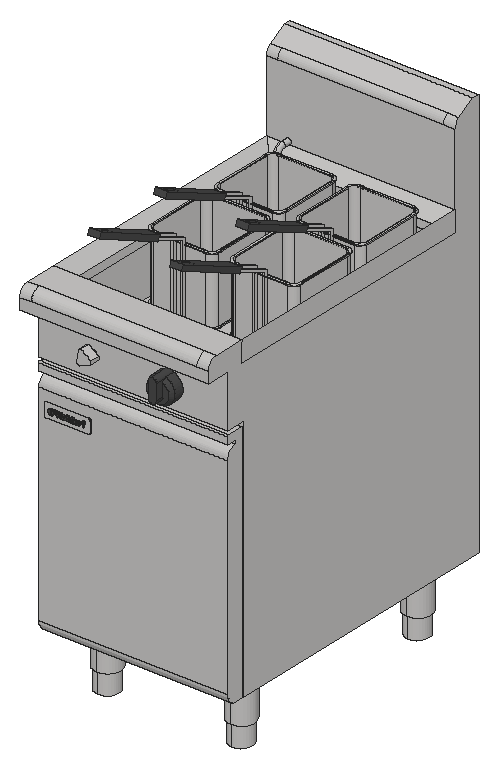
Revit family "QF_MOFFAT WALDORF_PC8140G", category Specialty Equipment, Revit 2012 (continued)
Connectors (in)
  piping at (5.98425, -1.41706, 4.88189)
    settings: on Extrusion 12, index 3, connector radius 0.37402", flow factor 0, pipe flow 0 GPM, pressure drop 0.00 psi, fitting loss kfactor 0, connector angle 0.00°, fixture units 0, engagement length 0", flow configuration 1, flow direction 1, fitting loss method 0, system type 7, joint type 0, gender type 0, connector reference index -1, connector utility 0, adjustable connector no, is connector primary no, fitting loss table "", connector description "GAS CONNECTION"
  piping at (1.97096, -21.88976, 5.86614)
    settings: on Extrusion 11, index 5, connector radius 0.25197", flow factor 0, pipe flow 0 GPM, pressure drop 0.00 psi, fitting loss kfactor 0, connector angle 0.00°, fixture units 0, engagement length 0", flow configuration 1, flow direction 1, fitting loss method 0, system type 20, joint type 0, gender type 0, connector reference index -1, connector utility 0, adjustable connector no, is connector primary no, fitting loss table "", connector description "COLD WATER CONNECTION"
  piping at (4.64263, -18.50394, 5.86614)
    settings: on Extrusion 18, index 6, connector radius 1/2", flow factor 0, pipe flow 0 GPM, pressure drop 0.00 psi, fitting loss kfactor 0, connector angle 0.00°, fixture units 0, engagement length 0", flow configuration 1, flow direction 2, fitting loss method 0, system type 16, joint type 0, gender type 0, connector reference index -1, connector utility 0, adjustable connector no, is connector primary no, fitting loss table "", connector description "DRAIN"
Definition of nested family "WALDORF LOGO_FACE BASE"
  Parameters (values of type "WALDORF LOGO_FACE BASE")
    Show Logo [instance] = yes
    Default Elevation = 48"
  Reference planes (in)
    plane 1 "Center (Front/Back)": y = 0
    plane 2: z = 0
    plane 3 "Center (Left/Right)": x = 0
  Forms (in)
    Extrusion 1, solid
      sketch origin (0, 0, 0) x (1, 0, 0) y (0, 1, 0)
        loop
          line (-48, 48) -> (-48, -48) -> (48, -48) -> (48, 48) -> (-48, 48)
      from 0 to -12
    Extrusion 2, solid, material "QF_Finishes_Stainless Steel", visible <- "Show Logo"
      sketch origin (0, -1.30776, 0) x (1, 0, 0) y (0, 1, 0)
        loop
          arc (0.19685, 1.34409) -> (0.05766, 1.28644) -> (0, 1.14724) r 0.19685
          line (0, 1.14724) -> (0, 0.19685)
          arc (0, 0.19685) -> (0.05766, 0.05766) -> (0.19685, 0) r 0.19685
          line (0.19685, 0) -> (4.09449, 0)
          arc (4.09449, 0) -> (4.23368, 0.05766) -> (4.29134, 0.19685) r 0.19685
          line (4.29134, 0.19685) -> (4.29134, 1.14724)
          arc (4.29134, 1.14724) -> (4.23368, 1.28644) -> (4.09449, 1.34409) r 0.19685
          line (4.09449, 1.34409) -> (0.19685, 1.34409)
      from 0 to 0.0625
    Extrusion 3, solid, material "QF_Finishes_Black", visible <- "Show Logo"
      sketch origin (0, -1.30776, 0.0625) x (1, 0, 0) y (0, 1, 0)
        loop
          line (0.97529, 0.91394) -> (1.10205, 0.40555) -> (1.24216, 0.40555) -> (1.31667, 0.68363) -> (1.38601, 0.40555) -> (1.54851, 0.40555) -> (1.65657, 0.91394) -> (1.50992, 0.91394) -> (1.44394, 0.60355) -> (1.37797, 0.91394) -> (1.25007, 0.91394) -> (1.18409, 0.60355) -> (1.11812, 0.91394) -> (0.97529, 0.91394)
        loop
          line (1.66424, 0.67145) -> (1.79935, 0.67145)
          spline (1.79935, 0.67145) -> (1.80084, 0.68049) -> (1.8052, 0.68892) -> (1.81214, 0.69616) -> (1.82119, 0.70171) -> (1.83172, 0.7052) -> (1.84303, 0.70639) -> (1.85433, 0.7052) -> (1.86487, 0.70171) -> (1.87391, 0.69616) -> (1.88085, 0.68892) -> (1.88522, 0.68049) -> (1.8867, 0.67145)
          line (1.8867, 0.67145) -> (1.8867, 0.63866)
          arc (1.8867, 0.63866) -> (1.80086, 0.63047) -> (1.71911, 0.60304) r 0.3781
          arc (1.71911, 0.60304) -> (1.65056, 0.50429) -> (1.71911, 0.40555) r 0.1054
          arc (1.71911, 0.40555) -> (1.79242, 0.4076) -> (1.86346, 0.42583) r 0.32932
          line (1.86346, 0.42583) -> (1.8934, 0.4372) -> (1.8934, 0.40555) -> (2.04004, 0.40555) -> (2.04004, 0.67145)
          spline (2.04004, 0.67145) -> (2.03364, 0.70162) -> (2.01487, 0.72973) -> (1.98501, 0.75387) -> (1.94609, 0.77239) -> (1.90077, 0.78403) -> (1.85214, 0.788) -> (1.80351, 0.78403) -> (1.75819, 0.77239) -> (1.71928, 0.75387) -> (1.68942, 0.72973) -> (1.67064, 0.70162) -> (1.66424, 0.67145)
        loop
          line (2.09256, 0.91394) -> (2.09256, 0.40555) -> (2.25865, 0.40555) -> (2.25865, 0.91394) -> (2.09256, 0.91394)
        loop
          line (2.55408, 0.91394) -> (2.55408, 0.7424)
          arc (2.55408, 0.7424) -> (2.28672, 0.59489) -> (2.55408, 0.44737) r 0.17438
          line (2.55408, 0.44737) -> (2.55408, 0.40555) -> (2.69204, 0.40555) -> (2.69204, 0.91394) -> (2.55408, 0.91394)
        loop
          arc (2.55408, 0.6332) -> (2.41772, 0.59004) -> (2.55408, 0.54689) r 0.07501
          line (2.55408, 0.54689) -> (2.55408, 0.6332)
        loop
          circle (2.93792, 0.59932) r 0.19685
        loop
          spline (2.93792, 0.70298) -> (2.92737, 0.69944) -> (2.91754, 0.68909) -> (2.90909, 0.67262) -> (2.90261, 0.65115) -> (2.89854, 0.62615) -> (2.89715, 0.59932) -> (2.89854, 0.57249) -> (2.90261, 0.54749) -> (2.90909, 0.52602) -> (2.91754, 0.50954) -> (2.92737, 0.49919) -> (2.93792, 0.49566)
          spline (2.93792, 0.49566) -> (2.94847, 0.49919) -> (2.9583, 0.50954) -> (2.96674, 0.52602) -> (2.97322, 0.54749) -> (2.97729, 0.57249) -> (2.97868, 0.59932) -> (2.97729, 0.62615) -> (2.97322, 0.65115) -> (2.96674, 0.67262) -> (2.9583, 0.68909) -> (2.94847, 0.69944) -> (2.93792, 0.70298)
        loop
          line (3.19903, 0.78003) -> (3.19903, 0.40555) -> (3.33994, 0.40555) -> (3.33994, 0.55809)
          arc (3.33994, 0.55809) -> (3.38007, 0.63357) -> (3.46509, 0.64251) r 0.09104
          line (3.46509, 0.64251) -> (3.46509, 0.78003) -> (3.43153, 0.78003)
          arc (3.43153, 0.78003) -> (3.36715, 0.75849) -> (3.3287, 0.70254) r 0.10698
          line (3.3287, 0.70254) -> (3.3287, 0.78003) -> (3.19903, 0.78003)
        loop
          line (3.55311, 0.78003) -> (3.50041, 0.78003) -> (3.50041, 0.69348) -> (3.55311, 0.69348) -> (3.55311, 0.40555) -> (3.7007, 0.40555) -> (3.7007, 0.69348) -> (3.7566, 0.69348) -> (3.7566, 0.78003) -> (3.7007, 0.78003)
          arc (3.7007, 0.78003) -> (3.71707, 0.81956) -> (3.7566, 0.83593) r 0.05591
          line (3.7566, 0.83593) -> (3.7566, 0.92922) -> (3.67389, 0.92922)
          arc (3.67389, 0.92922) -> (3.59618, 0.9017) -> (3.55311, 0.8314) r 0.12349
          line (3.55311, 0.8314) -> (3.55311, 0.78003)
        loop
          arc (0.60004, 0.92798) -> (0.3304, 0.65058) -> (0.60004, 0.37318) r 0.27751
          line (0.60004, 0.37318) -> (0.60004, 0.92798)
        loop
          line (0.61579, 0.92798) -> (0.61579, 0.37318)
          arc (0.61579, 0.37318) -> (0.88543, 0.65058) -> (0.61579, 0.92798) r 0.27751
        loop
          arc (1.8867, 0.57916) -> (1.8215, 0.54129) -> (1.8867, 0.50342) r 0.0436
          line (1.8867, 0.50342) -> (1.8867, 0.57916)
      from 0 to 0.00787
  Dimensions and locks (in)
    aligned and locked: plane 2 to Extrusion 1
    aligned and locked: level to Extrusion 1
Definition of nested family "PASTA COOKER BASKET"
  Parameters (values of type "PASTA COOKER BASKET")
    Width [instance] = 6.49606"
    Weight in Pounds = 0
    URL Cutsheet = ""
    Type Mark [instance] = ""
    Status [instance] = ""
    Specification by User [instance] = ""
    Specification by Manufacturer = ""
    Show Rectangular Basket [instance] = no
    Serial Number = ""
    Seismic Rating = ""
    SMACNA No = ""
    Revision Code [instance] = ""
    Omniclass Number and Title = ""
    NAFEM Spec ID Number = ""
    Masterspec = ""
    Lenght = 6.49606"
    Item Number [instance] = ""
    Installed By [instance] = ""
    Identify Quantity as Lot [instance] = yes
    Furnished By [instance] = ""
    Foodservice Equipment Identifier [instance] = yes
    Deep [instance] = if(Show Rectangular Basket, 12.59843", 7.08661")  # 7.08661"
    CSI MasterFormat = ""
    CSI Master Format = ""
  Reference planes (in)
    plane 1 "BACK": y = 0
    plane 2: z = 0
    plane 3 "LEFT": x = 0
    plane 4 "RIGHT": x = 6.49606
    plane 5 "FRONT": y = -7.08661
    plane 6 "TOP": z = 6.49606
    plane 7 "Center Y": x = 3.24803
    plane 8 "Center X": y = -3.54331
  Forms (in)
    Extrusion 1, solid, material "QF_Finishes_Stainless Steel"
      sketch origin (6.49606, 0, 0) x (0, -1, 0) y (0, 0, 1)
        loop
          line (10.17013, 8.44207) -> (7.08169, 7.0019) -> (7.08169, 0.03197) -> (7.33169, 0.03197) -> (7.33169, 6.84046) -> (10.27662, 8.21371) -> (10.17013, 8.44207)
      from 2.68634 to 2.90525
    Sweep 2, solid, material "QF_Finishes_Mesh"
      path origin (0, 0, 0) x (1, 0, 0) y (0, 1, 0)
        loop
          line (5.70866, -0.11811) -> (0.77629, -0.11811)
          arc (0.77629, -0.11811) -> (0.31089, -0.31089) -> (0.11811, -0.77629) r 0.65818
          line (0.11811, -0.77629) -> (0.11811, -6.29921)
          arc (0.11811, -6.29921) -> (0.31414, -6.77247) -> (0.7874, -6.9685) r 0.66929
          line (0.7874, -6.9685) -> (5.70866, -6.9685)
          arc (5.70866, -6.9685) -> (6.18192, -6.77247) -> (6.37795, -6.29921) r 0.66929
          line (6.37795, -6.29921) -> (6.37795, -0.7874)
          arc (6.37795, -0.7874) -> (6.18192, -0.31414) -> (5.70866, -0.11811) r 0.66929
      profile origin (3.24247, -0.11811, 0) x (0, -1, 0) y (0, 0, 1)
        loop
          line (0, 0.06921) -> (0.0625, 0.06921) -> (0.0625, 6.44965) -> (0, 6.44965) -> (0, 0.06921)
    Sweep 3, solid, material "QF_Finishes_Stainless Steel"
      path origin (0, 0, 0) x (1, 0, 0) y (0, 1, 0)
        loop
          line (5.70866, 0) -> (0.7874, 0)
          arc (0.7874, 0) -> (0.23062, -0.23062) -> (0, -0.7874) r 0.7874
          line (0, -0.7874) -> (0, -6.29921)
          arc (0, -6.29921) -> (0.23062, -6.85599) -> (0.7874, -7.08661) r 0.7874
          line (0.7874, -7.08661) -> (5.70866, -7.08661)
          arc (5.70866, -7.08661) -> (6.26544, -6.85599) -> (6.49606, -6.29921) r 0.7874
          line (6.49606, -6.29921) -> (6.49606, -0.7874)
          arc (6.49606, -0.7874) -> (6.26544, -0.23062) -> (5.70866, 0) r 0.7874
      profile origin (3.24803, 0, 0) x (0, -1, 0) y (0, 0, 1)
        loop
          circle (0.07792, 6.41917) r 0.07874
        loop
          circle (0.07805, 0.07843) r 0.07874
    Extrusion 4, solid, material "QF_Finishes_Black"
      sketch origin (5.84497, -36.79066, 20.64393) x (0, 0.9053, -0.424773) y (1, 0, 0)
        loop
          line (21.85258, -2.03525) -> (21.85258, -3.16931) -> (29.31255, -3.16931) -> (29.31255, -2.03525) -> (21.85258, -2.03525)
        loop
          line (23.5799, -2.83073) -> (23.5799, -2.36368) -> (22.3988, -2.36368) -> (22.3988, -2.83073) -> (23.5799, -2.83073)
      from -0.39578 to 0.13068
    Extrusion 5, solid, material "QF_Finishes_Mesh"
      sketch origin (5.70866, -0.18061, 0.06921) x (0, 1, 0) y (1, 0, 0)
        loop
          line (-6.1186, -5.52805) -> (-0.59568, -5.52805)
          arc (-0.59568, -5.52805) -> (-0.17447, -5.35358) -> (0, -4.93237) r 0.59568
          line (0, -4.93237) -> (0, 0)
          arc (0, 0) -> (-0.17773, 0.42907) -> (-0.60679, 0.60679) r 0.60679
          line (-0.60679, 0.60679) -> (-6.1186, 0.60679)
          arc (-6.1186, 0.60679) -> (-6.54767, 0.42907) -> (-6.72539, 0) r 0.60679
          line (-6.72539, 0) -> (-6.72539, -4.92126)
          arc (-6.72539, -4.92126) -> (-6.54767, -5.35033) -> (-6.1186, -5.52805) r 0.60679
      from 0 to -0.06544
    Extrusion 6, solid, material "QF_Finishes_Stainless Steel"
      sketch origin (0, 0, 0) x (0, -1, 0) y (0, 0, -1)
        loop
          line (10.17013, -8.44207) -> (10.27662, -8.21371) -> (7.33169, -6.84046) -> (7.33169, -0.03197) -> (7.08169, -0.03197) -> (7.08169, -7.0019) -> (10.17013, -8.44207)
      from 2.67565 to 2.90722
  Lines and regions (in)
    symbolic lines
      curve 1: line (0.11811, -0.77629, 0) -> (0.11811, -6.29921, 0)
      curve 2: arc (0.77629, -0.11811, 0) -> (0.31089, -0.31089, 0) -> (0.11811, -0.77629, 0) r 0.65818
      curve 3: line (5.70866, -0.11811, 0) -> (0.77629, -0.11811, 0)
      curve 4: arc (6.37795, -0.7874, 0) -> (6.18192, -0.31414, 0) -> (5.70866, -0.11811, 0) r 0.66929
      curve 5: line (6.37795, -6.29921, 0) -> (6.37795, -0.7874, 0)
      curve 6: arc (5.70866, -6.9685, 0) -> (6.18192, -6.77247, 0) -> (6.37795, -6.29921, 0) r 0.66929
      curve 7: line (0.7874, -6.9685, 0) -> (5.70866, -6.9685, 0)
      curve 8: arc (0.11811, -6.29921, 0) -> (0.31414, -6.77247, 0) -> (0.7874, -6.9685, 0) r 0.66929
      curve 9: line (2.67565, -7.08661, 0) -> (2.67565, -17.06303, 0)
      curve 10: line (2.90722, -10.0859, 0) -> (2.90722, -7.07839, 0)
      curve 11: line (3.59081, -7.08661, 0) -> (3.59081, -10.0859, 0)
      curve 12: line (3.80972, -17.06303, 0) -> (3.80972, -7.08661, 0)
      curve 13: line (3.80972, -10.0859, 0) -> (2.67565, -10.0859, 0)
      curve 14: line (3.48128, -15.27567, 0) -> (3.48128, -16.34492, 0)
      curve 15: line (3.01424, -16.34492, 0) -> (3.01424, -15.27567, 0)
      curve 16: line (3.01424, -16.34492, 0) -> (3.48128, -16.34492, 0)
      curve 17: line (3.01424, -15.27567, 0) -> (3.48128, -15.27567, 0)
      curve 18: line (0, -0.77629, 0) -> (0, -6.29921, 0)
      curve 19: arc (0, -6.29921, 0) -> (0.23062, -6.85599, 0) -> (0.7874, -7.08661, 0) r 0.7874
      curve 20: line (0.7874, -7.08661, 0) -> (5.70866, -7.08661, 0)
      curve 21: arc (5.70866, -7.08661, 0) -> (6.26544, -6.85599, 0) -> (6.49606, -6.29921, 0) r 0.7874
      curve 22: line (6.49606, -6.29921, 0) -> (6.49606, -0.7874, 0)
      curve 23: arc (6.49606, -0.7874, 0) -> (6.26544, -0.23062, 0) -> (5.70866, 0, 0) r 0.7874
      curve 24: line (5.70866, 0, 0) -> (0.77629, 0, 0)
      curve 25: arc (0.77629, 0, 0) -> (0.22737, -0.22737, 0) -> (0, -0.77629, 0) r 0.77629
      curve 26: line (3.80972, -17.06303, 0) -> (2.67565, -17.06303, 0)
  Dimensions and locks (in)
    equal spacing: plane 3 "LEFT", plane 7 "Center Y", plane 4 "RIGHT"
    "Width": plane 3 "LEFT" to plane 4 "RIGHT"
    equal spacing: plane 5 "FRONT", plane 8 "Center X", plane 1 "BACK"
    "Deep": plane 5 "FRONT" to plane 1 "BACK"
    "Lenght": plane 6 "TOP" to level
    Extrusion 1 sketch curve to Extrusion 1 sketch curve to Extrusion 1 sketch curve to plane 5 "FRONT" = 0.10649" locked, 2.83844" locked, 0.24508" locked
    Extrusion 4 to Extrusion 4 to Extrusion 4 to Extrusion 4 to plane 5 "FRONT" = 0.22363" locked, 6.52988" locked, 0.22363" locked, 2.99928" locked
    Extrusion 6 sketch curve to Extrusion 6 sketch curve to Extrusion 6 sketch curve = 0.10649" locked, 2.83844" locked
    aligned and locked: level to plane 2
  Automatic sketch dimensions
    Extrusion 1 sketch curve to plane 5 "FRONT" = 0.00492"
    level to Extrusion 1 sketch curve = 0.03197"
    plane 6 "TOP" to Extrusion 1 sketch curve = 0.3444"
    Extrusion 1 sketch curve to Extrusion 1 sketch curve = 0.16144"
    plane 3 "LEFT" to Sweep 2 sketch curve = 0.11811"
    Sweep 2 sketch curve to Sweep 2 sketch curve = 0.65818"
    Sweep 2 sketch curve to plane 5 "FRONT" = 0.11811"
    plane 3 "LEFT" to Sweep 2 sketch curve = 0.7874"
    plane 4 "RIGHT" to Sweep 2 sketch curve = 0.7874"  (x2)
    plane 4 "RIGHT" to Sweep 2 sketch curve = 0.11811"
    plane 1 "BACK" to Sweep 2 sketch curve = 0.7874"
    Sweep 2 sketch curve to profile plane = 0"
    Sweep 2 sketch curve to profile plane = 1/16"
    level to Sweep 2 sketch curve = 0.06921"
    Sweep 2 sketch curve to Sweep 2 sketch curve = 6.38044"
    Sweep 3 sketch curve to plane 3 "LEFT" = 0"
    plane 1 "BACK" to Sweep 3 sketch curve = 0"
    plane 5 "FRONT" to Sweep 3 sketch curve = 0"
    Sweep 3 sketch curve to plane 4 "RIGHT" = 0"
    plane 3 "LEFT" to Sweep 3 sketch curve = 0.7874"  (x2)
    plane 1 "BACK" to Sweep 3 sketch curve = 0.7874"
    plane 4 "RIGHT" to Sweep 3 sketch curve = 0.7874"
    Sweep 3 sketch curve to profile plane = 0.07792"
    Sweep 3 sketch curve to profile plane = 0.07805"
    level to Sweep 3 sketch curve = 0.07843"
    Sweep 3 sketch curve to Sweep 3 sketch curve = 6.34074"
    plane 7 "Center Y" to Extrusion 4 sketch curve = 0.56169"
    plane 7 "Center Y" to Extrusion 4 sketch curve = 0.23325"
    Extrusion 4 sketch curve to Extrusion 4 sketch curve = 0.54621"
    Extrusion 4 sketch curve to plane 7 "Center Y" = 0.2338"
    Extrusion 4 sketch curve to Extrusion 4 sketch curve = 1.1811"
    Extrusion 4 sketch curve to plane 7 "Center Y" = 0.57238"
    Extrusion 4 sketch curve to Extrusion 4 sketch curve = 5.73265"
    Sweep 2 to Extrusion 5 sketch curve = 0.60679"
    Sweep 2 to Extrusion 5 sketch curve = 0.59568"
    Extrusion 6 sketch curve to plane 5 "FRONT" = 0.00492"
    level to Extrusion 6 sketch curve = 0.03197"
    plane 5 "FRONT" to Extrusion 6 sketch curve = 0.24508"
    plane 6 "TOP" to Extrusion 6 sketch curve = 0.3444"
    Extrusion 6 sketch curve to Extrusion 6 sketch curve = 0.16144"
    curve 2 to curve 25 = 0"  (x2)
    curve 4 to curve 23 = 0"  (x2)
    curve 6 to curve 21 = 0"  (x2)
    curve 8 to curve 19 = 0"
    curve 25 to plane 3 "LEFT" = 0"
    plane 1 "BACK" to curve 25 = 0"
    plane 5 "FRONT" to curve 9 = 0"
    curve 22 to plane 4 "RIGHT" = 0"
    plane 3 "LEFT" to curve 2 = 0.11811"
    curve 1 to curve 25 = 0.65818"
    plane 3 "LEFT" to curve 7 = 0.7874"
    curve 9 to plane 7 "Center Y" = 0.57238"
    curve 10 to plane 5 "FRONT" = 0.00822"
    curve 9 to curve 10 = 0.23157"
    curve 15 to plane 7 "Center Y" = 0.2338"
    plane 7 "Center Y" to curve 14 = 0.23325"
    plane 7 "Center Y" to curve 11 = 0.34278"
    curve 11 to curve 13 = 0.21891"
    plane 4 "RIGHT" to curve 6 = 0.7874"
    plane 4 "RIGHT" to curve 23 = 0.7874"
    plane 5 "FRONT" to curve 13 = 2.99928"
    curve 17 to curve 10 = 5.18977"
    curve 16 to curve 14 = 1.06925"
    curve 9 to curve 15 = 0.71811"
    radius of Sweep 3 sketch curve = 0.07874"  (x2)
    radius of Extrusion 5 sketch curve to Sweep 2 = 0"  (x2)
Definition of nested family "PC8140G-CASTERS"
  Parameters (values of type "BTL8450-CB-CASTERS")
    Weight = ""
    URL Manufacturer = ""
    URL Cutsheet = ""
    URL = ""
    Type Mark [instance] = ""
    Status [instance] = ""
    Specification by User [instance] = ""
    Specification by Manufacturer = ""
    Show Casters [instance] = no
    Serial Number = ""
    Seismic Rating = ""
    SMACNA No = ""
    Revision Code [instance] = ""
    Omniclass Number and Title = ""
    NAFEM Spec ID Number = ""
    Model = ""
    MasterSpec. = ""
    Manufacturer = ""
    Item Number [instance] = ""
    Installed By [instance] = ""
    Identify Quantity as Lot [instance] = yes
    Furnished By [instance] = ""
    Foodservice Equipment Identifier [instance] = yes
    Description = ""
    CSI MasterFormat = ""
    CSI Master Format = ""
    Assembly Code = ""
  Reference planes (in)
    plane 1: z = 0
    plane 2 "RIGHT": x = 0
    plane 3 "FRONT": y = 0
    plane 4 "TOP": z = 5.90551
  Forms (in)
    Revolve 1, solid, material "QF_Finishes_Stainless Steel", visible <- "Show Casters"
      sketch origin (0, 2.21793, 0) x (0, 1, 0) y (0, 0, 1)
        loop
          line (-2.21793, 5.90551) -> (-2.21793, 5.55584) -> (-0.93693, 5.55584) -> (-0.93693, 5.90551) -> (-2.21793, 5.90551)
        axis (-2.21793, 5.55584) -> (-2.21793, 5.90551)
      angle from 0 to 360
    Extrusion 2, solid, material "QF_Finishes_Stainless Steel", visible <- "Show Casters"
      sketch origin (-1.81294, 2.21793, 0) x (0, 1, 0) y (0, 0, 1)
        loop
          line (-3.37793, 5.55584) -> (-3.37793, 5.25584) -> (-3.23369, 5.25584)
          arc (-3.23369, 5.25584) -> (-3.1238, 5.20977) -> (-3.03725, 5.12786) r 0.33195
          line (-3.03725, 5.12786) -> (-1.55521, 1.94961)
          arc (-1.55521, 1.94961) -> (-0.54268, 1.81523) -> (-0.22336, 2.78544) r 0.8
          arc (-0.22336, 2.78544) -> (-0.27816, 2.89808) -> (-0.34988, 3.00079) r 0.8
          arc (-0.34988, 3.00079) -> (-0.37005, 3.3613) -> (-0.26088, 3.70547) r 1
          line (-0.26088, 3.70547) -> (0.31507, 4.78867)
          arc (0.31507, 4.78867) -> (-0.09241, 4.97284) -> (-0.5252, 5.08531) r 2.63
          line (-0.5252, 5.08531) -> (-0.54193, 5.25584) -> (-1.05793, 5.25584) -> (-1.05793, 5.55584) -> (-3.37793, 5.55584)
      from 0.78968 to 0.90247
    Extrusion 3, solid, material "QF_Finishes_Stainless Steel", visible <- "Show Casters"
      sketch origin (0.13094, 2.21793, 0) x (0, 1, 0) y (0, 0, 1)
        loop
          line (-3.37793, 5.55584) -> (-3.37793, 5.25584) -> (-3.23369, 5.25584)
          arc (-3.23369, 5.25584) -> (-3.1238, 5.20977) -> (-3.03725, 5.12786) r 0.33195
          line (-3.03725, 5.12786) -> (-1.55521, 1.94961)
          arc (-1.55521, 1.94961) -> (-0.54268, 1.81523) -> (-0.22336, 2.78544) r 0.8
          arc (-0.22336, 2.78544) -> (-0.27816, 2.89808) -> (-0.34988, 3.00079) r 0.8
          arc (-0.34988, 3.00079) -> (-0.37005, 3.3613) -> (-0.26088, 3.70547) r 1
          line (-0.26088, 3.70547) -> (0.31507, 4.78867)
          arc (0.31507, 4.78867) -> (-0.09241, 4.97284) -> (-0.5252, 5.08531) r 2.63
          line (-0.5252, 5.08531) -> (-0.54193, 5.25584) -> (-1.05793, 5.25584) -> (-1.05793, 5.55584) -> (-3.37793, 5.55584)
      from 0.78968 to 0.90247
    Extrusion 4, solid, material "QF_Finishes_Stainless Steel", visible <- "Show Casters"
      sketch origin (-1.93794, 2.21793, 0) x (0, 1, 0) y (0, 0, 1)
        loop
          line (-3.37793, 5.55584) -> (-3.37793, 5.25584) -> (-3.23369, 5.25584) -> (-0.7432, 5.03796) -> (0.2811, 4.72479) -> (0.31507, 4.78867)
          arc (0.31507, 4.78867) -> (-0.09241, 4.97284) -> (-0.5252, 5.08531) r 2.63
          line (-0.5252, 5.08531) -> (-0.54193, 5.25584) -> (-1.05793, 5.25584) -> (-1.05793, 5.55584) -> (-3.37793, 5.55584)
      from 1.02747 to 2.85669
    Revolve 5, solid, material "QF_Finishes_Stainless Steel", visible <- "Show Casters"
      sketch origin (-1.93794, 1.21343, 0) x (1, 0, 0) y (0, 0, 1)
        loop
          line (0.5843, 2.5041) -> (3.2907, 2.5041) -> (3.2907, 2.6421) -> (3.2407, 2.6921) -> (3.1807, 2.6921) -> (3.1807, 2.8278) -> (2.7025, 2.8278) -> (2.7025, 3.22009) -> (2.5625, 3.30092) -> (2.42847, 4.1291) -> (2.59375, 4.1291) -> (2.59375, 4.3791) -> (2.5625, 4.3791) -> (2.5625, 4.6291)
          arc (2.5625, 4.6291) -> (2.45267, 4.89426) -> (2.1875, 5.0041) r 0.375
          line (2.1875, 5.0041) -> (1.6875, 5.0041)
          arc (1.6875, 5.0041) -> (1.42233, 4.89426) -> (1.3125, 4.6291) r 0.375
          line (1.3125, 4.6291) -> (1.3125, 4.3791) -> (1.28125, 4.3791) -> (1.28125, 4.1291) -> (1.44653, 4.1291) -> (1.31307, 3.30443) -> (1.1725, 3.22327) -> (1.1725, 2.8278) -> (0.6943, 2.8278) -> (0.6943, 2.6921) -> (0.6343, 2.6921) -> (0.5843, 2.6421) -> (0.5843, 2.5041)
        axis (0.5843, 2.5041) -> (3.2907, 2.5041)
      angle from 0 to 360
  Cuts and joins
    joined: Extrusion 2, Extrusion 3, Extrusion 4
  Lines and regions (in)
    symbolic lines, style "SpecialityEquipmentHiddenLines", visible <- "Show Casters"
      curve 1: line (0.70901, 2.6399, 0) -> (1.79507, 2.01286, 0)
      curve 2: line (-1.79099, -1.69023, 0) -> (0.70901, 2.6399, 0)
      curve 3: line (-0.70493, -2.31727, 0) -> (-1.79099, -1.69023, 0)
      curve 4: line (1.79507, 2.01286, 0) -> (-0.70493, -2.31727, 0)
  Dimensions and locks (in)
    plane 4 "TOP" to level = 5.90551"  (x2)
    Revolve 5 sketch curve to Revolve 5 sketch curve = 2 1/2"
    aligned and locked: level to plane 1
